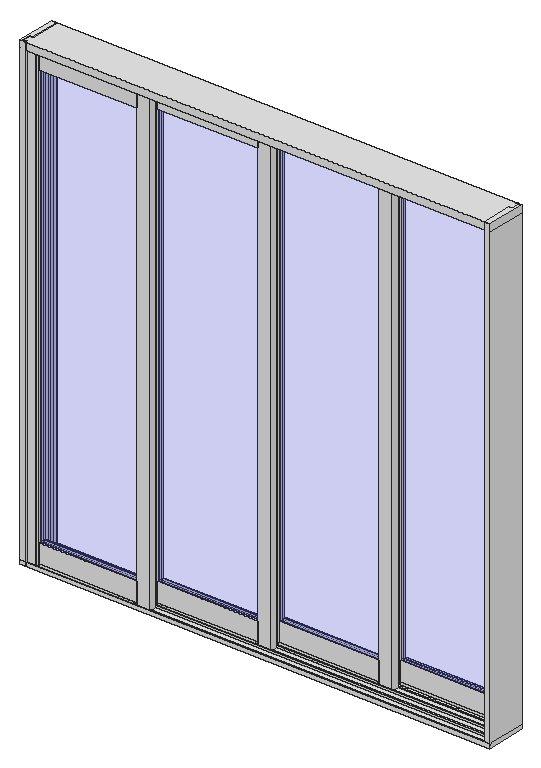
Revit family "Door-Sliding-All_Weather-Series_8100-Single_Parting", category Doors, host Wall, Revit 2026
Family settings
  Host = Wall
  Classification Number = 23.30.10.00
  Always vertical = Yes
  Cut with Voids When Loaded = No
  Shared = No
  Room Calculation Point = No
Parameters (values of type "4 Panel Sliding Door XXXO")
  Wall Thickness [instance] = 1' - 3"
  URL = "https://www.allweatheraa.com/"
  Type Comments = "Multi-Panel Sliding Door"  # constant formula
  Specification = ""
  Requested Width = 8' - 0"
  Requested Height = 8' - 0"
  Product Page URL = "https://www.allweatheraa.com/doors/series-8100-sliding-doors/"
  Product Name = "Series 8100"  # constant formula
  Product Documentation Link = "https://www.allweatheraa.com/download/4291/"
  Panel Offset = if([3 Track], 0' 4 243/256", 0' 2 31/32")  # 0' - 2 31/32"
  Min Width = if([3 Track], (3 * Min Panel Width) + 0' 0 3/4", if([4 Track], (4 * Min Panel Width) + 0' 0 3/4", (2 * Min Panel Width) + 0' 0 3/4"))  # 6' - 10 3/4"
  Min Panel Width = 1' - 8 1/2"  # constant formula
  Max Width = if([3 Track], (3 * Max Panel Width) + 0' 0 3/4", if([4 Track], (4 * Max Panel Width) + 0' 0 3/4", (2 * Max Panel Width) + 0' 0 3/4"))  # 24' - 0 3/4"
  Max Panel Width = 6' - 0"  # constant formula
  Max Panel Height = 12' - 0"  # constant formula
  Jamb Extensions = no
  Jamb Ext Finish = Metal-Aluminum-All_Weather-Standard-White
  Jamb Depth [instance] = if(Jamb Calc > 0' 0 1/8", Jamb Calc, 0' 0 1/8")  # 0' - 7"
  Jamb Calc [instance] = if(Offset > 0' 0", Wall Thickness - Thickness + Offset, Wall Thickness - Thickness - Inset)  # 0' - 7"
  End Panel Offset = if([4 Track], 0' 6 253/256", if([3 Track], 0' 4 253/256", 0' 2 253/256"))  # 0' - 6 253/256"
  Thickness = if([3 Track], 0' 6", if([4 Track], 0' 8", 0' 4"))  # 0' - 8"
  Rough Width = Width + 0' 1"  # 8' - 1"
  Rough Height = Height + 0' 0 1/2"  # 8' - 0 1/2"
  Panel Width = if([3 Track], (Opening Width + (0' 3 3/8" * (Number of Panels - 1))) / Number of Panels, if([4 Track], ((Opening Width + (0' 3 1/16" * (Number of Panels - 1))) / Number of Panels) + 0' 5 19/32", (Opening Width + (0' 7" * (Number of Panels))) / Number of Panels + 0' 0 17/32") - 0' 5 19/32")  # 2' - 1 51/64"
  Panel Thickness = 0' - 2"  # constant formula
  Panel Spacing = if([3 Track], 0' 2 1/2", 0' 2")  # 0' - 2"
  Panel Height = Height - 0' 0 15/16" - 0' 0 5/16"  # 7' - 10 3/4"
  Operation = "Sliding"
  Opening Width = Width - 0' 2"  # 7' - 10"
  Offset = 0' - 0"
  Number of Panels = if([3 Track], 3, if([4 Track], 4, 2))  # 4
  Model = if([2 Track], "Multi-Slide XO", if([3 Track], "Multi-Slide XXO", "Multi-Slide XXXO"))  # "Multi-Slide XXXO"
  Manufacturer = "All Weather Architectural Aluminum"  # constant formula
  Interior Trim Finish = Metal-Aluminum-All_Weather-Standard-White
  Interior Trim = no
  Inset = 0' - 0"
  Glass = Glass-All_Weather-OA-Insulated_Glass
  Function = Exterior
  Frame Projection Ext. = 0' - 1"
  Frame Projection Int. = 0' - 1"
  Frame Width = 0' - 3"
  Height = if(Requested Height > Max Panel Height + 0' 1 1/4", Max Panel Height + 0' 1 1/4", Requested Height)  # 8' - 0"
  Wall Closure = By host
  Width = if(Requested Width > Max Width, Max Width, if(Requested Width < Min Width, Min Width, Requested Width))  # 8' - 0"
  Finish = Metal-Aluminum-All_Weather-Standard-White
  Exterior Trim Finish = Metal-Aluminum-All_Weather-Standard-White
  Exterior Trim = no
  Description = "Standard Nail-On"  # constant formula
  Center Panel Location = if([3 Track], 0' 0", (Panel Width / 2) - 0' 1 5/16")  # 0' - 11 75/128"
  Assembly Code = "B2030110"
  4 Track = yes
  Not 2 Track = or([3 Track], [4 Track])  # yes
  3 Track = no
  2 Track = not(or([4 Track], [3 Track]))  # no
Reference planes (in)
  plane 1 "Center (Front/Back)": y = 0
  plane 2 "Center (Left/Right)": x = 0
  plane 3 "Left": x = -48
  plane 4 "Right": x = 48
  plane 5 "Top": z = 96
  plane 6 "Exterior": y = 7.5
  plane 7 "Interior": y = -7.5
  plane 8 "Nail Fin": y = 7.5
  plane 9 "Inset": y = 7.5
  plane 10 "Front": y = 7.5
  plane 11 "Back": y = -0.5
  plane 12 "Bottom of Sill": z = 0
  plane 13 "Jamb Ext": y = -2.43141
  plane 14: y = 7.33104
  plane 15: y = 5.35076
  plane 16: y = 3.37049
  plane 17: y = 1.39021
  plane 18: z = 96
  plane 19: z = 96
  plane 20: z = 96
  plane 21: z = 96
  plane 22: x = 48
  plane 23: x = 48
  plane 24: x = 48
  plane 25: x = 48
Forms (in)
  Extrusion 1, solid, material "Metal-Aluminum-All_Weather-Standard-White" <- "Exterior Trim Finish", visible <- "Exterior Trim"
    sketch origin (-90, 7.5, 0) x (-1, 0, 0) y (0, 0, 1)
      loop
        line (-42, 95.63672) -> (-42, 0) -> (-39, 0) -> (-39, 98.63672) -> (-141, 98.63672) -> (-141, 0) -> (-138, 0) -> (-138, 95.63672) -> (-42, 95.63672)
    from 0 to 1
  Extrusion 2, solid, material "Metal-Aluminum-All_Weather-Standard-White" <- "Interior Trim Finish", visible <- "Interior Trim"
    sketch origin (-90, -7.5, 0) x (1, 0, 0) y (0, 0, 1)
      loop
        line (42, 0) -> (42, 95.63672) -> (138, 95.63672) -> (138, 0) -> (141, 0) -> (141, 98.63672) -> (39, 98.63672) -> (39, 0) -> (42, 0)
    from 0 to 1
  Sweep 3, solid, material "Metal-Aluminum-All_Weather-Standard-White" <- "Finish", detail levels fine
    path origin (0, -0.5, 0) x (-1, 0, 0) y (0, 0, 1)
      loop
        line (-48, 0) -> (-48, 96)
    profile origin (48, -0.5, 48) x (1, 0, 0) y (0, 1, 0)
      loop
        line (-1.11719, 6.17875) -> (-1.11719, 0) -> (0, 0) -> (0, 8) -> (-1.11719, 8) -> (-1.11719, 7.84098) -> (-0.37157, 7.84098) -> (-0.37157, 6.17875) -> (-1.11719, 6.17875)
  Sweep 4, solid, material "Metal-Aluminum-All_Weather-Standard-White" <- "Finish", detail levels fine
    path origin (0, -0.5, 0) x (-1, 0, 0) y (0, 0, 1)
      loop
        line (48, 0) -> (48, 96)
    profile origin (-48, -0.5, 48) x (1, 0, 0) y (0, 1, 0)
      loop
        line (1.11719, 1.90015) -> (1.11719, 8) -> (0, 8) -> (0, 0) -> (1.11719, 0) -> (1.11719, 0.23792) -> (0.375, 0.23792) -> (0.375, 1.90015) -> (1.11719, 1.90015)
  Extrusion 5, solid, material "Metal-Aluminum-All_Weather-Standard-White" <- "Jamb Ext Finish", visible <- "Jamb Extensions"
    sketch origin (0, 0, 0) x (1, 0, 0) y (0, 0, 1)
      loop
        line (-48, 0) -> (-47.375, 0) -> (-47.375, 95.375) -> (47.375, 95.375) -> (47.375, 0) -> (48, 0) -> (48, 96) -> (-48, 96) -> (-48, 0)
    from 0.5 to 7.5
  Sweep 6, solid, material "Metal-Aluminum-All_Weather-Standard-White" <- "Finish", detail levels fine
    path origin (0, 7.5, 0) x (-1, 0, 0) y (0, 0, 1)
      loop
        line (-48, 96) -> (48, 96)
    profile origin (0, 7.5, 96) x (0, 0, 1) y (0, 1, 0)
      loop
        line (0, 0) -> (-1.55859, 0) -> (-1.55859, -8) -> (0, -8) -> (0, 0)
  Sweep 7, solid, material "Metal-Aluminum-All_Weather-Standard-White" <- "Finish", detail levels fine
    path origin (0, 7.5, 0) x (-1, 0, 0) y (0, 0, 1)
      loop
        line (-48, 0) -> (48, 0)
    profile origin (0, 7.5, 0) x (0, 0, 1) y (0, 1, 0)
      loop
        line (0, 0) -> (0, -8) -> (0.75, -8) -> (0.75, 0) -> (0, 0)
  Sweep 8, void
    path origin (-12, 7.5, 12) x (-1, 0, 0) y (0, 0, 1)
      loop
        line (-60, 84) -> (-60, -12) -> (36, -12) -> (36, 84) -> (-60, 84)
    profile origin (0, 7.5, 96) x (0, 0, 1) y (0, 1, 0)
      loop
        line (-0.37157, -0.16896) -> (-1.55859, -0.16896) -> (-1.55859, -1.82125) -> (-0.37157, -1.82125) -> (-0.37157, -0.16896)
  Sweep 9, void
    path origin (-12, 5.51972, 12) x (-1, 0, 0) y (0, 0, 1)
      loop
        line (-60, 84) -> (-60, -12) -> (36, -12) -> (36, 84) -> (-60, 84)
    profile origin (0, 5.51972, 96) x (0, 0, 1) y (0, 1, 0)
      loop
        line (-0.37157, -0.16896) -> (-1.55859, -0.16896) -> (-1.55859, -1.82125) -> (-0.37157, -1.82125) -> (-0.37157, -0.16896)
  Sweep 10, void
    path origin (-12, 3.53945, 12) x (-1, 0, 0) y (0, 0, 1)
      loop
        line (-60, 84) -> (-60, -12) -> (36, -12) -> (36, 84) -> (-60, 84)
    profile origin (0, 3.53945, 96) x (0, 0, 1) y (0, 1, 0)
      loop
        line (-0.37157, -0.16896) -> (-1.55859, -0.16896) -> (-1.55859, -1.82125) -> (-0.37157, -1.82125) -> (-0.37157, -0.16896)
  Sweep 11, void
    path origin (-12, 1.55917, 12) x (-1, 0, 0) y (0, 0, 1)
      loop
        line (-60, 84) -> (-60, -12) -> (36, -12) -> (36, 84) -> (-60, 84)
    profile origin (0, 1.55917, 96) x (0, 0, 1) y (0, 1, 0)
      loop
        line (-0.37157, -0.16896) -> (-1.55859, -0.16896) -> (-1.55859, -1.82125) -> (-0.37157, -1.82125) -> (-0.37157, -0.16896)
  Extrusion 12, solid, material "Metal-Aluminum-All_Weather-Standard-White" <- "Finish", detail levels coarse+medium
    sketch origin (0, 7.5, 0) x (-1, 0, 0) y (0, 0, 1)
      loop
        line (-48, 0) -> (48, 0) -> (48, 96) -> (-48, 96) -> (-48, 0)
      loop
        line (-46.88281, 94.44141) -> (-46.88281, 0.75) -> (46.88281, 0.75) -> (46.88281, 94.44141) -> (-46.88281, 94.44141)
    from 0 to -8
Cuts and joins
  Sweep 8, Sweep 9, Sweep 10, Sweep 11 cuts Sweep 3
  Sweep 8, Sweep 9, Sweep 10, Sweep 11 cuts Sweep 4
  joined: Sweep 3, Sweep 4
  Sweep 8, Sweep 9, Sweep 10, Sweep 11 cuts Sweep 6
  Sweep 8, Sweep 9, Sweep 10, Sweep 11 cuts Sweep 7
Lines and regions (in)
  Opening 1
    outline origin (-90, -7.5, 0) x (1, 0, 0) y (0, 0, 1)
      loop
        line (42, 0) -> (138, 0) -> (138, 96) -> (42, 96) -> (42, 0)
  Masking region 1, visible <- "Jamb Extensions"
    outline origin (0, 0, 0) x (1, 0, 0) y (0, 1, 0)
      loop
        line (-48, -0.5) -> (-48, -7.5) -> (-47.375, -7.5) -> (-47.375, -0.5) -> (-48, -0.5)
      loop
        line (47.375, -0.5) -> (47.375, -7.5) -> (48, -7.5) -> (48, -0.5) -> (47.375, -0.5)
  Masking region 2, visible <- "Jamb Extensions"
    outline origin (0, 0, 0) x (0, 1, 0) y (0, 0, 1)
      loop
        line (-0.5, 96) -> (-7.5, 96) -> (-7.5, 95.375) -> (-0.5, 95.375) -> (-0.5, 96)
Text (in)
  text "Exterior" at (-74.96733, 27.31104, 0), in view "Ref. Level"
  text "Interior" at (-74.96733, -25.14366, 0), in view "Ref. Level"
  text "Exterior" at (0, 40.15149, 123.01588), in view "Right"
  text "Interior" at (0, -64.39139, 123.01588), in view "Right"
  text "Interior" at (0, -31.01599, 123.00693), in view "Left"
  text "Exterior" at (0, 54.57065, 123.00693), in view "Left"
Dimensions and locks (in)
  equal spacing: plane 3 "Left", plane 2 "Center (Left/Right)", plane 4 "Right"
  "Height": level to plane 5 "Top"
  "Width": plane 3 "Left" to plane 4 "Right"
  "Frame Width": Extrusion 2 sketch curve to plane 3 "Left"
  "Frame Width": Extrusion 2 sketch curve to plane 4 "Right"
  "Frame Width": Extrusion 1 sketch curve to Extrusion 1 sketch curve  (x3)
  host wall to plane 5 "Top" = 8' - 0"
  "Frame Projection Int.": Extrusion 2 to host wall
  "Frame Projection Ext.": Extrusion 1 to host wall
  "Offset": plane 8 "Nail Fin" to plane 9 "Inset"
  "Inset": plane 6 "Exterior" to plane 9 "Inset"
  locked: plane 10 "Front" to plane 8 "Nail Fin" at 0
  "Thickness": plane 10 "Front" to plane 11 "Back"
  plane 12 "Bottom of Sill" to level = 0' - 0"
  locked: Extrusion 1 sketch curve to plane 5 "Top" at 0.36328
  locked: Extrusion 2 sketch curve to plane 5 "Top" at 0.36328
  "Frame Width": Extrusion 2 sketch curve to Extrusion 2 sketch curve
  plane 3 "Left" to nested 5 = 0' - 3 71/128"
  plane 5 "Top" to level = 8' - 0"
  locked: nested 1 to plane 5 "Top"
  locked: nested 3 to plane 10 "Front"
  locked: plane 10 "Front" to nested 2
  Sweep 3 sketch curve to Sweep 3 sketch curve to Sweep 3 sketch curve to Sweep 3 sketch curve = 0' - 0" locked, 0' - 0.74562" locked, 0' - 0.37157" locked
  "Thickness": Sweep 3 sketch curve to Sweep 3 sketch curve
  locked: Extrusion 5 sketch curve to Extrusion 2 at 0.625  (x2)
  locked: plane 5 "Top" to Extrusion 5 sketch curve at 0.625
  "Jamb Depth": Extrusion 5 to Extrusion 5
  "Wall Thickness": host wall to host wall
  nested 5 to nested 5 = 7' - 10.73785"
  nested 5 to nested 1 = 0' - 0 15/16"
  locked: nested 7 to plane 4 "Right" at 0.37157
  plane 8 "Nail Fin" to nested 7 = 0' - 0.99014"
  locked: plane 8 "Nail Fin" to nested 4 at 2.99014
  locked: plane 10 "Front" to nested 7 at 0.99014
  locked: nested 6 to plane 11 "Back" at 3.00986
  "Center Panel Location": plane 2 "Center (Left/Right)" to nested 4
  "Center Panel Location": nested 6 to plane 2 "Center (Left/Right)"
  plane 3 "Left" to plane 4 "Right" = 8' - 0"
  "End Panel Offset": plane 10 "Front" to nested 5
  locked: plane 3 "Left" to nested 5 at 0.375
  Sweep 4 sketch curve to Sweep 4 sketch curve to Sweep 4 sketch curve to Sweep 4 sketch curve to profile plane = 0' - 0" locked, 0' - 0 95/128" locked, 0' - 0 3/8" locked, 0' - 0" locked
  Sweep 4 sketch curve to Sweep 4 sketch curve to Sweep 4 sketch curve = 0' - 1.66223" locked, 0' - 0.23792" locked
  "Thickness": Sweep 4 sketch curve to Sweep 4 sketch curve
  locked: profile plane to Sweep 4 sketch curve
  nested 3 to Sweep 3 sketch curve to Sweep 3 sketch curve = 0' - 0.15902" locked, 0' - 1.66223" locked
  locked: profile plane to Sweep 3 sketch curve
  "Thickness": Sweep 6 sketch curve to Sweep 6 sketch curve
  "Thickness": Sweep 7 sketch curve to Sweep 7 sketch curve
  profile plane to Sweep 7 sketch curve = 0' - 0"
  locked: nested 1 to profile plane at 1.55859
  locked: profile plane to nested 1
  locked: profile plane to nested 8 at 0.75
  profile plane to Sweep 8 sketch curve to Sweep 8 sketch curve = 0' - 0.37157" locked, 0' - 1.18702" locked
  profile plane to Sweep 8 sketch curve to Sweep 8 sketch curve = 0' - 0.16896" locked, 0' - 1.65229" locked
  profile plane to Sweep 9 sketch curve to Sweep 9 sketch curve = 0' - 0.37157" locked, 0' - 1.18702" locked
  profile plane to Sweep 9 sketch curve to Sweep 9 sketch curve = 0' - 0.16896" locked, 0' - 1.65229" locked
  equal spacing: group 1, group 2, group 3, group 4  (x2)
  equal spacing: group 4, group 3, group 2, group 1
  profile plane to Sweep 10 sketch curve to Sweep 10 sketch curve = 0' - 0.37157" locked, 0' - 1.18702" locked
  profile plane to Sweep 10 sketch curve to Sweep 10 sketch curve = 0' - 0.16896" locked, 0' - 1.65229" locked
  profile plane to Sweep 11 sketch curve to Sweep 11 sketch curve = 0' - 0.37157" locked, 0' - 1.18702" locked
  profile plane to Sweep 11 sketch curve to Sweep 11 sketch curve = 0' - 0.16896" locked, 0' - 1.65229" locked
  plane 10 "Front" to plane 14 to plane 15 = 0' - 0.16896" locked, 0' - 1.98028" locked
  locked: Extrusion 12 sketch curve to plane 4 "Right" at 1.11719
  locked: Extrusion 12 sketch curve to plane 3 "Left" at 1.11719
  locked: Extrusion 12 sketch curve to plane 5 "Top" at 1.55859
  "Thickness": plane 10 "Front" to Extrusion 12
  locked: level to Extrusion 12 sketch curve at 0.75
  locked: plane 21 to Sweep 11 sketch curve
  "Height": Sweep 11 sketch curve to plane 21
  "Width": Sweep 11 sketch curve to plane 22
  locked: plane 18 to Sweep 8 sketch curve
  "Height": Sweep 8 sketch curve to plane 18
  "Width": Sweep 8 sketch curve to plane 23
  locked: plane 19 to Sweep 9 sketch curve
  "Height": Sweep 9 sketch curve to plane 19
  "Width": Sweep 9 sketch curve to plane 24
  locked: plane 20 to Sweep 10 sketch curve
  "Height": Sweep 10 sketch curve to plane 20
  "Width": Sweep 10 sketch curve to plane 25
  locked: plane 5 "Top" to plane 21
  locked: plane 5 "Top" to plane 20
  locked: plane 4 "Right" to plane 22
  locked: plane 25 to plane 4 "Right"
  Masking region 1 sketch curve to plane 4 "Right" to Extrusion 5 = 0' - 0 5/8" locked, 0' - 0" locked
  plane 3 "Left" to Masking region 1 sketch curve to Masking region 1 sketch curve = 0' - 0" locked, 0' - 0 5/8" locked
  "Jamb Depth": plane 7 "Interior" to Masking region 1 sketch curve
  "Jamb Depth": Masking region 1 sketch curve to Masking region 1 sketch curve
  locked: plane 21 to Masking region 2 sketch curve at 0.625
  "Jamb Depth": Masking region 2 sketch curve to plane 7 "Interior"
  aligned and locked: plane 3 "Left" to Opening 1 sketch curve
  aligned and locked: plane 5 "Top" to Opening 1 sketch curve  (x2)
  aligned and locked: Opening 1 sketch curve to plane 4 "Right"
  aligned and locked: Opening 1 sketch curve to level
  aligned and locked: plane 3 "Left" to Extrusion 1 sketch curve
  aligned and locked: Extrusion 1 sketch curve to plane 3 "Left"
  aligned and locked: level to Extrusion 1 sketch curve
  aligned and locked: plane 4 "Right" to Extrusion 1 sketch curve
  aligned and locked: Extrusion 1 to host wall
  aligned and locked: plane 3 "Left" to Extrusion 2 sketch curve
  aligned and locked: plane 4 "Right" to Extrusion 2 sketch curve  (x2)
  aligned and locked: level to Extrusion 2 sketch curve
  aligned and locked: Extrusion 2 sketch curve to level
  aligned and locked: Extrusion 2 to host wall
  aligned and locked: plane 6 "Exterior" to host wall
  aligned and locked: host wall to plane 7 "Interior"
  aligned and locked: plane 4 "Right" to Sweep 3 sketch curve
  aligned and locked: plane 3 "Left" to Sweep 4 sketch curve
  aligned and locked: nested 1 to plane 10 "Front"
  aligned and locked: plane 7 "Interior" to Extrusion 5
  aligned and locked: nested 3 to plane 4 "Right"
  aligned and locked: nested 2 to plane 3 "Left"
  aligned and locked: nested 8 to plane 11 "Back"
  aligned and locked: Sweep 7 to plane 12 "Bottom of Sill"
  aligned and locked: Sweep 6 to plane 5 "Top"
  aligned and locked: plane 4 "Right" to Sweep 6 sketch curve
  aligned and locked: plane 3 "Left" to Sweep 6 sketch curve
  aligned and locked: plane 3 "Left" to Sweep 7 sketch curve
  aligned and locked: plane 4 "Right" to Sweep 7 sketch curve
  aligned and locked: Sweep 7 sketch curve to level
  aligned and locked: Extrusion 12 sketch curve to plane 4 "Right"
  aligned and locked: Extrusion 12 sketch curve to plane 5 "Top"
  aligned and locked: plane 3 "Left" to Extrusion 12 sketch curve
  aligned and locked: Extrusion 12 sketch curve to level
  aligned and locked: plane 10 "Front" to Extrusion 12
  aligned and locked: Masking region 1 sketch curve to plane 7 "Interior"  (x2)
  aligned and locked: Masking region 2 sketch curve to Extrusion 5  (x2)
Automatic sketch dimensions
  Sweep 11 sketch curve to plane 22 = 0' - 0"
  Sweep 8 sketch curve to plane 23 = 0' - 0"
  Sweep 9 sketch curve to plane 24 = 0' - 0"
  Sweep 10 sketch curve to plane 25 = 0' - 0"
  Extrusion 1 sketch curve to level = 0' - 0"
  Extrusion 2 sketch curve to level = 0' - 0"
  Sweep 3 sketch curve to level = 0' - 0"
  Sweep 3 sketch curve to plane 5 "Top" = 0' - 0"
  Sweep 4 sketch curve to level = 0' - 0"
  Sweep 4 sketch curve to plane 5 "Top" = 0' - 0"
  plane 3 "Left" to Extrusion 5 sketch curve = 0' - 0"
  plane 4 "Right" to Extrusion 5 sketch curve = 0' - 0"
  Extrusion 5 sketch curve to level = 0' - 0"  (x2)
  Extrusion 5 sketch curve to plane 5 "Top" = 0' - 0"
  Sweep 6 sketch curve to plane 5 "Top" = 0' - 0"
  Sweep 3 sketch curve to profile plane = 0' - 0"
  Sweep 6 sketch curve to plane 10 "Front" = 0' - 0"
  profile plane to Sweep 6 sketch curve = 0' - 0"
  Sweep 6 sketch curve to Sweep 6 sketch curve = 0' - 1 143/256"
  profile plane to Sweep 7 sketch curve = 0' - 0"
  Sweep 7 sketch curve to plane 10 "Front" = 0' - 0"
  Sweep 7 sketch curve to profile plane = 0' - 0 3/4"
  Masking region 1 sketch curve to plane 4 "Right" = 0' - 0"
Nested families (in)
  nested 1: "Detail-All_Weather-Series_8100_Jamb" at (0, 6.08203, 96.94141) x (0, -1, 0) z (-1, 0, 0), type "Header"
    with Thickness 0' - 8", 4 Track yes, 3 Track yes
  nested 2: "Detail-All_Weather-Series_8100_Jamb" at (-49.38281, 6.08203, 0) x (0, -1, 0) z (0, 0, -1), type "Jamb"
    with Thickness 0' - 8", 4 Track yes, 3 Track yes
  nested 3: "Detail-All_Weather-Series_8100_Jamb" at (49.38281, 6.08203, 0) x (0, -1, 0) z (0, 0, -1), type "Jamb"
    with Thickness 0' - 8", 4 Track yes, 3 Track yes
  nested 4: "Nested-Panel-All_Weather-Series_8100" at (11.58594, 4.39651, 0), visible <- "Not 2 Track", type "Center Panel"
    with Width 2' - 1 51/64"
  nested 5: "Nested-Panel-All_Weather-Series_8100" at (-34.72656, 0.39836, 0), type "Pull Left"
    with Width 2' - 1 51/64"
  nested 6: "Nested-Panel-All_Weather-Series_8100" at (-11.58594, 2.39651, 0), visible <- "4 Track", type "Center Panel"
    with Width 2' - 1 51/64"
  nested 7: "Nested-Panel-All_Weather-Series_8100" at (34.72999, 6.39651, 0), type "Pull Right"
    with Width 2' - 1 51/64"
  nested 8: "Detail-All_Weather-Series_8100_Footer" at (0, 0.91797, -1.75458) x (0, 1, 0) z (1, 0, 0), type "Footer"
    with Thickness 0' - 8", 4 Track yes, 3 Track yes
Definition of nested family "Nested-Panel-All_Weather-Series_8100"
  Parameters (values of type "Center Panel")
    Width = 2' - 7 51/64"
    URL = "http://www.weathershield.com"
    Type Comments = "Panel with Inside Jamb"
    Thickness = 0' - 2"
    Specification = ""
    Sill Offset = 0' - 1 3/4"
    Pull Right = no
    Pull Offset Left = if(Pull Left, 0' 3 23/128", 0' 2 79/128")  # 0' - 2 79/128"
    Pull Left = no
    Product Page URL = "https://www.allweatheraa.com/doors/series-8100-sliding-doors/"
    Product Name = "Series 8100"  # constant formula
    Product Documentation Link = "https://www.allweatheraa.com/download/4291/"
    Center Panel Right = yes
    Center Panel Left = yes
    Model = "Multislide"  # constant formula
    Manufacturer = "All Weather Architectural Aluminum"  # constant formula
    Pull Offset Right = if(Pull Right, 0' 3 23/128", 0' 2 79/128")  # 0' - 2 79/128"
    Height = 8' - 0"
    Glass = none
    Finish = none
    Description = "Multislide Door Panel"  # constant formula
    Default Elevation = 4' - 0"
    Arrow = yes
  Types (3): name | Thickness | Pull Right | Pull Offset Left | Pull Left | Center Panel Right | Center Panel Left | Pull Offset Right | Arrow
    Center Panel | 0' - 2" | no | 0' - 2 79/128" | no | yes | yes | 0' - 2 79/128" | yes
    Pull Right | 0' - 8" | yes | 0' - 2 79/128" | no | no | yes | 0' - 3 23/128" | no
    Pull Left | 0' - 2" | no | 0' - 3 23/128" | yes | yes | no | 0' - 2 79/128" | yes
  Reference planes (in)
    plane 1 "Center (Front/Back)": y = -0.13672
    plane 2 "Bottom": z = 0
    plane 3 "Center (Left/Right)": x = 0
    plane 4 "Front": y = 0.86328
    plane 5 "Back": y = -1.13672
    plane 6 "Left": x = -15.89844
    plane 7 "Right": x = 15.89844
    plane 8 "Top": z = 96
    plane 9 "Glass Front": y = 0.61336
    plane 10 "Glass Back": y = -0.38664
    plane 11 "Glass Top": z = 92.54381
    plane 12 "Glass Bottom": z = 4.79539
    plane 13 "Glass Left": x = -13.94225
    plane 14 "Glass Right": x = 13.95206
    plane 15 "Center (Elevation)": z = 48.6696
    plane 16 "DLO Bottom": z = 5.45639
    plane 17 "DLO Top": z = 91.88281
    plane 18 "DLO Left": x = -13.28125
    plane 19 "DLO Right": x = 13.28125
    plane 20: y = 0.11336
    plane 21: x = 14.58984
    plane 22: x = -14.58984
    plane 23: z = 0.32465
    plane 24: z = 95.0625
  Forms (in)
    Extrusion 1, solid, material <- "Glass"
      sketch origin (0, 0, 0) x (1, 0, 0) y (0, 1, 0)
        loop
          line (-13.94225, -0.38664) -> (13.95206, -0.38664) -> (13.95206, 0.61336) -> (-13.94225, 0.61336) -> (-13.94225, -0.38664)
      from 4.79539 to 92.54381
    Sweep 2, solid, material <- "Finish", detail levels medium+fine
      path origin (0, 0.61336, -0.65988) x (-1, 0, 0) y (0, 0, 1)
        loop
          line (-13.28125, 0.32465) -> (13.28125, 0.32465)
      profile origin (0, 0.61336, -0.33524) x (0, 0, 1) y (0, 1, 0)
        loop
          line (0.65988, 0.2514) -> (0.65988, -1.24862) -> (1.47003, -1.24862) -> (1.47003, -1.20462) -> (5.40973, -1.20462) -> (5.40973, -1) -> (4.74873, -1) -> (4.74873, 0) -> (5.40973, 0) -> (5.40973, 0.2074) -> (1.47003, 0.2074) -> (1.47003, 0.2514) -> (0.65988, 0.2514)
    Sweep 3, solid, material <- "Finish", visible <- "Pull Left", detail levels medium+fine
      path origin (0, 0.86328, 0) x (-1, 0, 0) y (0, 0, 1)
        loop
          line (15.89844, 0.32465) -> (15.89844, 95.0625)
      profile origin (-15.89844, 0.86328, 47.69357) x (1, 0, 0) y (0, 1, 0)
        loop
          line (0, 0) -> (0, -1.5) -> (3.17969, -1.5) -> (3.17969, -1.31202) -> (2.51869, -1.31202) -> (2.51869, -0.188) -> (3.17969, -0.188) -> (3.17969, 0) -> (0, 0)
    Sweep 4, solid, material <- "Finish", visible <- "Center Panel Right", detail levels medium+fine
      path origin (0, 0.86328, 0) x (1, 0, 0) y (0, 0, 1)
        loop
          line (15.89844, 0.32465) -> (15.89844, 95.0625)
      profile origin (15.89844, 0.86328, 47.69357) x (1, 0, 0) y (0, 1, 0)
        loop
          line (0, 0.00351) -> (-1.69231, 0.00351) -> (-1.69231, 0.30472) -> (-2.45445, 0.30472) -> (-2.45445, 0.2427) -> (-1.83561, 0.1854) -> (-1.83561, 0.00137) -> (-2.61719, 0.00137) -> (-2.61719, -0.25185) -> (-1.94638, -0.25185) -> (-1.94638, -1.25003) -> (-2.61719, -1.25003) -> (-2.61719, -1.5001) -> (0, -1.5001) -> (0, 0.00351)
    Sweep 5, solid, material <- "Finish", detail levels medium+fine
      path origin (0, 0.61336, 0) x (-1, 0, 0) y (0, 0, 1)
        loop
          line (13.28125, 96) -> (-13.28125, 96)
      profile origin (0, 0.61336, 96) x (0, 0, -1) y (0, 1, 0)
        loop
          line (0.9375, -1.24862) -> (4.41713, -1.24862) -> (4.41713, -1) -> (3.75613, -1) -> (3.75613, 0.0013) -> (4.41713, 0.0013) -> (4.41713, 0.2514) -> (0.9375, 0.2514) -> (0.9375, -1.24862)
    Extrusion 6, solid, material <- "Finish", visible <- "Center Panel Left", detail levels medium+fine
      sketch origin (0, 0, 0) x (1, 0, 0) y (0, 1, 0)
        loop
          line (-15.89844, 0.86328) -> (-15.89844, -1.02734) -> (-15.23642, -1.02734) -> (-15.13861, -1.00113) -> (-15.13861, -0.96526) -> (-15.77342, -0.96526) -> (-15.77342, -0.63506) -> (-13.28125, -0.63506) -> (-13.28125, -0.38664) -> (-13.95164, -0.38664) -> (-13.95164, 0.61336) -> (-13.28125, 0.61336) -> (-13.28125, 0.86328) -> (-15.89844, 0.86328)
      from 0.32465 to 95.0625
    Extrusion 7, solid, material <- "Finish", detail levels coarse
      sketch origin (0, 0.61336, 0) x (-1, 0, 0) y (0, 0, 1)
        loop
          line (15.89844, 95.0625) -> (-15.89844, 95.0625) -> (-15.89844, 0.32465) -> (15.89844, 0.32465) -> (15.89844, 95.0625)
        loop
          line (-13.28125, 5.07449) -> (13.28125, 5.07449) -> (13.28125, 91.88281) -> (-13.28125, 91.88281) -> (-13.28125, 5.07449)
      from -1.2501 to 0.24993
    Sweep 8, solid, material <- "Finish", visible <- "Pull Right", detail levels medium+fine
      path origin (0, 0.86328, 0) x (1, 0, 0) y (0, 0, 1)
        loop
          line (15.89844, 0.32465) -> (15.89844, 95.0625)
      profile origin (15.89844, 0.86328, 47.69357) x (1, 0, 0) y (0, 1, 0)
        loop
          line (0, 0) -> (-2.61786, 0) -> (-2.61786, -0.188) -> (-2.00067, -0.188) -> (-2.00067, -1.31202) -> (-2.61786, -1.31202) -> (-2.61786, -1.5) -> (0, -1.5) -> (0, 0)
  Lines and regions (in)
    Masking region 1, detail levels coarse
      outline origin (0, 0, 0) x (1, 0, 0) y (0, 1, 0)
        loop
          line (-13.28125, 0.61336) -> (-13.28125, -0.38664) -> (13.28125, -0.38664) -> (13.28125, 0.61336) -> (-13.28125, 0.61336)
    Masking region 2, detail levels medium+fine
      outline origin (0, 0, 0) x (1, 0, 0) y (0, 1, 0)
        loop
          line (-13.94225, 0.61336) -> (-13.94225, 0.43452) -> (13.95206, 0.43452) -> (13.95206, 0.61336) -> (-13.94225, 0.61336)
        loop
          line (-13.94225, -0.2078) -> (-13.94225, -0.38664) -> (13.95206, -0.38664) -> (13.95206, -0.2078) -> (-13.94225, -0.2078)
    Masking region 3, detail levels coarse
      outline origin (0, 0, 0) x (0, 1, 0) y (0, 0, 1)
        loop
          line (0.61336, 5.45639) -> (0.61336, 92.09881) -> (-0.38664, 92.09881) -> (-0.38664, 5.45639) -> (0.61336, 5.45639)
    Masking region 4, detail levels medium+fine
      outline origin (0, 0, 0) x (0, 1, 0) y (0, 0, 1)
        loop
          line (0.61336, 4.79539) -> (0.61336, 92.54381) -> (0.43582, 92.54381) -> (0.43582, 4.79539) -> (0.61336, 4.79539)
        loop
          line (-0.2065, 4.79539) -> (-0.2065, 92.54381) -> (-0.38664, 92.54381) -> (-0.38664, 4.79539) -> (-0.2065, 4.79539)
    symbolic lines, visible <- "Arrow"
      curve 1: line (-11.53125, 0.61336, 45.6696) -> (-11.53125, 0.61336, 51.6696)
      curve 2: line (-11.53125, 0.61336, 45.6696) -> (-8.53125, 0.61336, 48.6696)
      curve 3: line (-8.53125, 0.61336, 48.6696) -> (-11.53125, 0.61336, 51.6696)
  Dimensions and locks (in)
    equal spacing: plane 6 "Left", plane 3 "Center (Left/Right)", plane 7 "Right"
    "Width": plane 6 "Left" to plane 7 "Right"
    equal spacing: plane 4 "Front", plane 1 "Center (Front/Back)", plane 5 "Back"
    "Thickness": plane 4 "Front" to plane 5 "Back"
    plane 4 "Front" to plane 9 "Glass Front" to plane 10 "Glass Back" = 0' - 0.24993", 0' - 1" locked
    locked: plane 8 "Top" to plane 11 "Glass Top" at 3.45619
    locked: plane 12 "Glass Bottom" to level at 4.79539
    locked: plane 13 "Glass Left" to Masking region 1 sketch curve at 0.661
    locked: Masking region 1 sketch curve to plane 14 "Glass Right" at 0.67081
    locked: plane 10 "Glass Back" to Masking region 2 sketch curve at 0.17884
    locked: plane 9 "Glass Front" to Masking region 2 sketch curve at 0.17884
    locked: plane 11 "Glass Top" to Masking region 3 sketch curve at 0.445
    locked: Masking region 3 sketch curve to plane 12 "Glass Bottom" at 0.661
    equal spacing: plane 11 "Glass Top", plane 15 "Center (Elevation)", plane 12 "Glass Bottom"
    locked: plane 16 "DLO Bottom" to plane 12 "Glass Bottom" at 0.661
    locked: plane 11 "Glass Top" to plane 17 "DLO Top" at 0.661
    "Pull Offset Left": plane 6 "Left" to plane 18 "DLO Left"
    "Pull Offset Right": plane 19 "DLO Right" to plane 7 "Right"
    equal spacing: plane 10 "Glass Back", plane 20, plane 9 "Glass Front"
    equal spacing: plane 19 "DLO Right", plane 21, plane 7 "Right"
    equal spacing: plane 6 "Left", plane 22, plane 18 "DLO Left"
    nested 1 to nested 1 = 0' - 2 79/128"
    Sweep 2 sketch curve to Sweep 2 sketch curve to Sweep 2 sketch curve to Sweep 2 sketch curve to Sweep 2 sketch curve to Sweep 2 sketch curve to level = 0' - 0" locked, 0' - 0.661" locked, 0' - 3.2787" locked, 0' - 0" locked, 0' - 0.81014" locked, 0' - 0.32465"
    Sweep 2 sketch curve to Sweep 2 sketch curve to Sweep 2 sketch curve to profile plane to Sweep 2 sketch curve to Sweep 2 sketch curve to Sweep 2 sketch curve = 0' - 0.044" locked, 0' - 0.2074" locked, 0' - 0" locked, 0' - 1" locked, 0' - 0.20462" locked, 0' - 0.044" locked
    locked: plane 23 to level at 0.32465
    profile plane to nested 2 to Sweep 3 sketch curve to Sweep 3 sketch curve to Sweep 3 sketch curve = 0' - 0" locked, 0' - 2.51869" locked, 0' - 0.661" locked, 0' - 0" locked
    Sweep 3 sketch curve to Sweep 3 sketch curve to Sweep 3 sketch curve to Sweep 3 sketch curve to profile plane = 0' - 0.18798" locked, 0' - 1.12402" locked, 0' - 0.188" locked, 0' - 0" locked
    Sweep 4 sketch curve to Sweep 4 sketch curve to Sweep 4 sketch curve to Sweep 4 sketch curve to Sweep 4 sketch curve to profile plane to Sweep 4 sketch curve to Sweep 4 sketch curve to Sweep 4 sketch curve = 0' - 0.06202" locked, 0' - 0.05729" locked, 0' - 0.18189" locked, 0' - 0.00214" locked, 0' - 0.00137" locked, 0' - 0.25185" locked, 0' - 0.99817" locked, 0' - 0.25007" locked
    Sweep 4 sketch curve to Sweep 4 sketch curve to Sweep 4 sketch curve to Sweep 4 sketch curve to Sweep 4 sketch curve to Sweep 4 sketch curve to profile plane = 0' - 0" locked, 0' - 0.16274" locked, 0' - 0.50807" locked, 0' - 0.11078" locked, 0' - 0.1433" locked, 0' - 1.69231" locked
    curve 3 to curve 3 to plane 15 "Center (Elevation)" to curve 2 = 0' - 3" locked, 0' - 0" locked, 0' - 3" locked
    plane 6 "Left" to curve 1 to curve 3 = 0' - 4 47/128" locked, 0' - 3" locked
    locked: plane 8 "Top" to plane 24 at 0.9375
    profile plane to Sweep 3 to Sweep 5 sketch curve to Sweep 5 sketch curve to Sweep 5 sketch curve = 0' - 0 15/16" locked, 0' - 2.81863" locked, 0' - 0.661" locked, 0' - 0" locked
    Sweep 5 sketch curve to Sweep 5 sketch curve to profile plane to Sweep 5 sketch curve to Sweep 5 sketch curve = 0' - 0.2501" locked, 0' - 0.0013" locked, 0' - 1" locked, 0' - 0.24862" locked
    "Height": plane 8 "Top" to plane 2 "Bottom"
    locked: plane 13 "Glass Left" to plane 18 "DLO Left" at 0.661
    locked: plane 19 "DLO Right" to plane 14 "Glass Right" at 0.67081
    Extrusion 6 sketch curve to Extrusion 6 sketch curve to Extrusion 6 sketch curve to Extrusion 6 sketch curve to Extrusion 6 sketch curve to Extrusion 6 sketch curve to plane 4 "Front" = 0' - 0.06208" locked, 0' - 0.3302" locked, 0' - 0.24842" locked, 0' - 1" locked, 0' - 0.24993" locked, 0' - 0" locked
    Extrusion 6 sketch curve to plane 6 "Left" to Extrusion 6 sketch curve to Extrusion 6 sketch curve to Extrusion 6 sketch curve to Extrusion 6 sketch curve to Extrusion 6 sketch curve = 0' - 0" locked, 0' - 0.66202" locked, 0' - 0.09781" locked, 0' - 1.18696" locked, 0' - 0.67039" locked, 0' - 0" locked
    locked: Extrusion 7 to plane 10 "Glass Back" at 0.2501
    Extrusion 6 to plane 17 "DLO Top" = 0' - 3 23/128"
    locked: plane 9 "Glass Front" to Masking region 4 sketch curve at 0.17754
    locked: Masking region 4 sketch curve to plane 10 "Glass Back" at 0.18014
    nested 1 to nested 6 to plane 9 "Glass Front" = 0' - 0" locked, 0' - 1.2501" locked
    Sweep 8 sketch curve to Sweep 8 sketch curve to plane 19 "DLO Right" to Sweep 8 sketch curve = 0' - 0" locked, 0' - 0.00067" locked, 0' - 0.61652" locked
    Sweep 8 sketch curve to Sweep 8 sketch curve to Sweep 8 sketch curve to Sweep 8 sketch curve to profile plane = 0' - 0.18798" locked, 0' - 1.12402" locked, 0' - 0.188" locked, 0' - 0" locked
    aligned and locked: plane 2 "Bottom" to level
    aligned and locked: Extrusion 1 sketch curve to plane 14 "Glass Right"
    aligned and locked: plane 13 "Glass Left" to Extrusion 1 sketch curve
    aligned and locked: plane 9 "Glass Front" to Extrusion 1 sketch curve
    aligned and locked: Extrusion 1 sketch curve to plane 10 "Glass Back"
    aligned and locked: Extrusion 1 to plane 12 "Glass Bottom"
    aligned and locked: plane 11 "Glass Top" to Extrusion 1
    aligned and locked: Masking region 1 sketch curve to plane 9 "Glass Front"
    aligned and locked: plane 10 "Glass Back" to Masking region 1 sketch curve
    aligned and locked: Masking region 2 sketch curve to plane 9 "Glass Front"
    aligned and locked: plane 14 "Glass Right" to Masking region 2 sketch curve  (x2)
    aligned and locked: plane 10 "Glass Back" to Masking region 2 sketch curve
    aligned and locked: Masking region 2 sketch curve to plane 13 "Glass Left"  (x2)
    aligned and locked: Masking region 3 sketch curve to plane 9 "Glass Front"
    aligned and locked: plane 10 "Glass Back" to Masking region 3 sketch curve
    aligned and locked: Masking region 4 sketch curve to plane 11 "Glass Top"  (x2)
    aligned and locked: Masking region 4 sketch curve to plane 9 "Glass Front"
    aligned and locked: plane 12 "Glass Bottom" to Masking region 4 sketch curve  (x2)
    aligned and locked: plane 10 "Glass Back" to Masking region 4 sketch curve
    aligned and locked: plane 6 "Left" to nested 2
    aligned and locked: nested 1 to plane 7 "Right"
    aligned and locked: nested 2 to nested 1
    aligned and locked: plane 4 "Front" to nested 3
    aligned and locked: plane 6 "Left" to nested 3
    aligned and locked: Sweep 3 sketch curve to plane 6 "Left"
    aligned and locked: plane 23 to Sweep 3 sketch curve
    aligned and locked: Sweep 5 sketch curve to plane 8 "Top"
    aligned and locked: plane 18 "DLO Left" to Sweep 5 sketch curve
    aligned and locked: Sweep 5 sketch curve to plane 19 "DLO Right"
    aligned and locked: plane 24 to Sweep 3 sketch curve
    aligned and locked: plane 24 to Sweep 4 sketch curve
    aligned and locked: plane 23 to Sweep 4 sketch curve
    aligned and locked: nested 5 to plane 24
    aligned and locked: plane 24 to Extrusion 6
    aligned and locked: plane 18 "DLO Left" to Sweep 2 sketch curve
    aligned and locked: plane 19 "DLO Right" to Sweep 2 sketch curve
    aligned and locked: Extrusion 7 sketch curve to Sweep 2
    aligned and locked: plane 18 "DLO Left" to Extrusion 7 sketch curve
    aligned and locked: plane 7 "Right" to Extrusion 7 sketch curve
    aligned and locked: Extrusion 7 sketch curve to plane 6 "Left"
    aligned and locked: Extrusion 7 sketch curve to plane 24
    aligned and locked: plane 4 "Front" to Extrusion 7
    aligned and locked: nested 4 to level
    aligned and locked: Extrusion 6 to plane 23
    aligned and locked: Sweep 2 to plane 23
    aligned and locked: Extrusion 7 sketch curve to plane 17 "DLO Top"
    aligned and locked: nested 6 to plane 7 "Right"
  Automatic sketch dimensions
    Sweep 2 sketch curve to level = 0' - 0.33524"
    Sweep 3 sketch curve to profile plane = 0' - 0"
    plane 7 "Right" to Sweep 4 sketch curve = 0' - 0"
    Sweep 4 sketch curve to profile plane = 0' - 0"
    Sweep 5 sketch curve to profile plane = 0' - 0 15/16"
    Extrusion 6 sketch curve to plane 6 "Left" = 0' - 0.12502"
    Extrusion 6 sketch curve to Extrusion 6 sketch curve = 0' - 0.03586"
    plane 19 "DLO Right" to Extrusion 7 sketch curve = 0' - 0"
    Extrusion 7 sketch curve to plane 23 = 0' - 0"
    plane 7 "Right" to Sweep 8 sketch curve = 0' - 0"
    Sweep 8 sketch curve to plane 23 = 0' - 0"
    Sweep 8 sketch curve to plane 24 = 0' - 0"
    Sweep 8 sketch curve to profile plane = 0' - 0"
  Nested families (in)
    nested 1: "Detail-All_Weather-Series_8100_Post_Right" at (15.78125, -0.46877, 0) x (0, 1, 0) z (0, 0, 1), visible <- "Center Panel Right", type "Post Right"
    nested 2: "Detail-All_Weather-Series_8100_Door_Header" at (-15.21875, -0.55469, 0) x (0, -1, 0) z (0, 0, 1), visible <- "Pull Left", type "Header"
    nested 3: "Detail-All_Weather-Series_8100_Post_Left" at (-15.78125, 0.69531, 0) x (0, -1, 0) z (0, 0, 1), visible <- "Center Panel Left", type "Post Left"
    nested 4: "Detail-All_Weather-Series_8100_Door_Footer" at (0, 0.7827, 2.95639) x (0, 1, 0) z (1, 0, 0), type "Door Footer"
    nested 5: "Detail-All_Weather-Series_8100_Door_Header" at (0, 0.7827, 94.38281) x (0, 1, 0) z (1, 0, 0), type "Header"
    nested 6: "Detail-All_Weather-Series_8100_Door_Header" at (15.21875, 0.78123, 0) x (0, 1, 0) z (0, 0, 1), visible <- "Pull Right", type "Jamb"
  Definition of nested family "Detail-All_Weather-Series_8100_Post_Right"
    Parameters (values of type "Post Right")
      URL = "https://www.allweatheraa.com/"
      Type Comments = "5” Thermal Strut Sliding Glass Door"  # constant formula
      Thickness = 0' - 1 57/64"  # constant formula
      Specification = ""
      Profile Offset = 0' - 1 9/256"  # constant formula
      Product Page URL = "https://www.allweatheraa.com/doors/series-8100-sliding-doors/"
      Product Name = "Series 8100"  # constant formula
      Product Documentation Link = "https://www.allweatheraa.com/download/4291/"
      Nail Fin Offset = 0' - 1 33/128"  # constant formula
      Model = "SlidingDoor"  # constant formula
      Manufacturer = "All Weather Architectural Aluminum"  # constant formula
      Height = 0' - 2 79/128"  # constant formula
      Glass Thickness = 0' - 1"  # constant formula
      Glass = no
      Description = "Door Post"  # constant formula
      Assembly Code = "B2020100"
    Reference planes (in)
      plane 1 "Center (Front/Back)": y = -0.11719
      plane 2: z = 0
      plane 3 "Glass Intersection": y = 1.82919
      plane 4 "Top": y = 2.5
      plane 5 "Front": x = -0.16797
      plane 6 "Back": x = 1.72266
      plane 7 "Glass Front": x = 0.0803
      plane 8 "Glass Back": x = 1.0803
    Lines and regions (in)
      Masking region 1, in view "Ref. Level", visible <- "Glass", detail levels medium+fine
        outline origin (0.32906, -0.10831, 0) x (1, 0, 0) y (0, 1, 0)
          loop
            line (-0.24876, 3.0985) -> (-0.24876, 1.9375) -> (-0.06992, 1.9375) -> (-0.06992, 3.0985) -> (-0.24876, 3.0985)
          loop
            line (0.75124, 3.0985) -> (0.5724, 3.0985) -> (0.5724, 1.9375) -> (0.75124, 1.9375) -> (0.75124, 3.0985)
      Masking region 2, in view "Ref. Level", detail levels fine
        outline origin (0.32906, -0.10831, 0) x (1, 0, 0) y (0, 1, 0)
          loop
            line (-0.06992, 1.95572) -> (0.57408, 1.95572) -> (0.57408, 2.1811) -> (0.54202, 2.1811) -> (0.54202, 1.9861) -> (-0.03786, 1.9861) -> (-0.03786, 2.1811) -> (-0.06992, 2.1811) -> (-0.06992, 1.95572)
      Masking region 3, in view "Ref. Level", detail levels medium+fine
        outline origin (0.32906, -0.10831, 0) x (1, 0, 0) y (0, 1, 0)
          loop
            line (-0.03786, 2.2971) -> (-0.03786, 1.9861) -> (0.54202, 1.9861) -> (0.54202, 2.2971) -> (-0.03786, 2.2971)
          loop
            line (0.52802, 2.2831) -> (-0.02386, 2.2831) -> (-0.02386, 2.0001) -> (0.52802, 2.0001) -> (0.52802, 2.2831)
      Masking region 4, in view "Ref. Level", detail levels medium+fine
        outline origin (0, 0, 0) x (1, 0, 0) y (0, 1, 0)
          loop
            line (-0.16805, 2.45876) -> (-0.16805, -0.04515)
            arc (-0.16805, -0.04515) -> (-0.14695, -0.09609) -> (-0.09601, -0.11719) r 0.07204
            line (-0.09601, -0.11719) -> (1.32288, -0.11719) -> (1.32288, 0.24062)
            arc (1.32288, 0.24062) -> (1.37257, 0.29031) -> (1.42227, 0.24062) r 0.04969
            line (1.42227, 0.24062) -> (1.42227, -0.03768) -> (1.50277, -0.03768) -> (1.50277, 0.35864)
            arc (1.50277, 0.35864) -> (1.49268, 0.3806) -> (1.47072, 0.3897) r 0.03106
            line (1.47072, 0.3897) -> (1.385, 0.3897)
            arc (1.385, 0.3897) -> (1.34107, 0.40789) -> (1.32288, 0.45182) r 0.06212
            line (1.32288, 0.45182) -> (1.32288, 0.74239) -> (1.21411, 0.73454) -> (1.27465, 0.62607) -> (1.06852, 0.62607) -> (1.12489, 0.72389) -> (1.01581, 0.72389)
            arc (1.01581, 0.72389) -> (0.99402, 0.71487) -> (0.985, 0.69308) r 0.03081
            line (0.985, 0.69308) -> (0.985, 0.62607) -> (0.76208, 0.62607) -> (0.76208, 0.70558) -> (0.68256, 0.70558) -> (0.68256, 0.62607) -> (-0.06858, 0.62607) -> (-0.06858, 1.36064) -> (0.13105, 1.36064) -> (0.13105, 1.21044) -> (0.17445, 1.13528) -> (0.25488, 1.13528) -> (0.18127, 1.26277) -> (0.25382, 1.33533) -> (0.32156, 1.33533) -> (0.38512, 1.25325) -> (0.33499, 1.13528) -> (0.38275, 1.13528)
            arc (0.38275, 1.13528) -> (0.40464, 1.34346) -> (0.19875, 1.38128) r 0.15405
            line (0.19875, 1.38128) -> (0.12893, 1.43509) -> (0.12893, 1.49715) -> (0.03109, 1.44455) -> (0.03109, 1.64754) -> (0.1352, 1.57502) -> (0.15552, 1.7013) -> (-0.01362, 1.69663) -> (-0.01362, 1.89889) -> (0.03038, 1.89889) -> (-0.0155, 1.96218) -> (-0.0155, 1.99608) -> (0.02807, 1.99608) -> (-0.0155, 2.05618) -> (-0.0155, 2.09008) -> (0.02807, 2.09008) -> (-0.0155, 2.15018) -> (-0.0155, 2.18408) -> (0.02807, 2.18408) -> (-0.0155, 2.24418) -> (-0.0155, 2.27808) -> (0.02807, 2.27808) -> (-0.0155, 2.33818) -> (-0.0155, 2.37208) -> (0.01838, 2.37208) -> (0.01838, 2.41889)
            arc (0.01838, 2.41889) -> (0.01252, 2.43304) -> (-0.00162, 2.43889) r 0.02
            line (-0.00162, 2.43889) -> (-0.11002, 2.43889)
            arc (-0.11002, 2.43889) -> (-0.12486, 2.44459) -> (-0.13207, 2.45876) r 0.02217
            arc (-0.13207, 2.45876) -> (-0.15006, 2.47675) -> (-0.16805, 2.45876) r 0.01799
          loop
            line (1.06202, 1.57433) -> (1.28047, 1.57433) -> (1.21399, 1.45672) -> (1.32244, 1.44889) -> (1.32244, 1.57936) -> (1.57436, 1.57936)
            arc (1.57436, 1.57936) -> (1.62528, 1.60045) -> (1.64637, 1.65137) r 0.07201
            line (1.64637, 1.65137) -> (1.64637, 2.27063) -> (1.62284, 2.35848)
            arc (1.62284, 2.35848) -> (1.60193, 2.37428) -> (1.58353, 2.35563) r 0.01988
            line (1.58353, 2.35563) -> (1.52085, 1.67875) -> (1.32244, 1.67875) -> (1.32244, 2.21019) -> (1.28856, 2.21019) -> (1.28856, 2.16019) -> (1.23856, 2.16019) -> (1.23856, 2.38019) -> (1.28856, 2.38019) -> (1.28856, 2.33019) -> (1.32244, 2.33019) -> (1.32244, 2.46556)
            arc (1.32244, 2.46556) -> (1.3074, 2.48721) -> (1.28712, 2.47036) r 0.01789
            line (1.28712, 2.47036) -> (1.28712, 2.43889) -> (1.15605, 2.43889)
            arc (1.15605, 2.43889) -> (1.14191, 2.43304) -> (1.13605, 2.41889) r 0.02
            line (1.13605, 2.41889) -> (1.13605, 2.36932) -> (1.17778, 2.36932) -> (1.17778, 2.33818) -> (1.13422, 2.27808) -> (1.17778, 2.27808) -> (1.17778, 2.24418) -> (1.13422, 2.18408) -> (1.17778, 2.18408) -> (1.17778, 2.15018) -> (1.13422, 2.09008) -> (1.17778, 2.09008) -> (1.17778, 2.05618) -> (1.13422, 1.99608) -> (1.17778, 1.99608) -> (1.17778, 1.96218) -> (1.13191, 1.89889) -> (1.16783, 1.89889) -> (1.16783, 1.69351) -> (0.84704, 1.69351) -> (0.8661, 1.57502) -> (0.97397, 1.65016) -> (0.97397, 1.43779) -> (0.87297, 1.49416) -> (0.87297, 1.40524)
            arc (0.87297, 1.40524) -> (0.72877, 1.30539) -> (0.77149, 1.13528) r 0.15406
            line (0.77149, 1.13528) -> (0.84219, 1.13528) -> (0.77337, 1.25447) -> (0.836, 1.33533) -> (0.90373, 1.33533) -> (0.97628, 1.26277) -> (0.90267, 1.13528) -> (0.98311, 1.13528) -> (1.0265, 1.21044) -> (1.0265, 1.35062) -> (1.06899, 1.46736) -> (1.12378, 1.46736) -> (1.06202, 1.57433)
      Masking region 5, in view "Ref. Level", detail levels fine
        outline origin (0, 0, 0) x (1, 0, 0) y (0, 1, 0)
          loop
            line (1.22349, 0.52668) -> (-0.06858, 0.52668) -> (-0.06858, -0.0178) -> (1.22349, -0.0178) -> (1.22349, 0.52668)
      Masking region 6, in view "Ref. Level", detail levels fine
        outline origin (0, 0, 0) x (1, 0, 0) y (0, 1, 0)
          loop
            arc (1.11501, 1.48249) -> (1.1254, 1.43091) -> (1.15716, 1.38897) r 0.11811
            line (1.15716, 1.38897) -> (1.20869, 1.34573)
            arc (1.20869, 1.34573) -> (1.23467, 1.31191) -> (1.24391, 1.27028) r 0.09843
            line (1.24391, 1.27028) -> (1.24391, 0.93507)
            arc (1.24391, 0.93507) -> (1.23467, 0.89345) -> (1.20869, 0.85963) r 0.09843
            line (1.20869, 0.85963) -> (1.15716, 0.81639)
            arc (1.15716, 0.81639) -> (1.1254, 0.77445) -> (1.11501, 0.72287) r 0.11811
            line (1.11501, 0.72287) -> (1.06375, 0.63103) -> (1.11851, 0.63103)
            arc (1.11851, 0.63103) -> (1.13278, 0.63817) -> (1.13561, 0.65389) r 0.01783
            arc (1.13561, 0.65389) -> (1.15827, 0.68418) -> (1.18094, 0.65389) r 0.02362
            arc (1.18094, 0.65389) -> (1.18377, 0.63817) -> (1.19804, 0.63103) r 0.01783
            line (1.19804, 0.63103) -> (1.25395, 0.63103) -> (1.20158, 0.72485)
            arc (1.20158, 0.72485) -> (1.20595, 0.74496) -> (1.21846, 0.7613) r 0.04724
            line (1.21846, 0.7613) -> (1.30465, 0.83362)
            arc (1.30465, 0.83362) -> (1.31502, 0.84714) -> (1.31871, 0.86378) r 0.03937
            line (1.31871, 0.86378) -> (1.31871, 1.34158)
            arc (1.31871, 1.34158) -> (1.31502, 1.35821) -> (1.30465, 1.37173) r 0.03937
            line (1.30465, 1.37173) -> (1.21846, 1.44406)
            arc (1.21846, 1.44406) -> (1.20595, 1.4604) -> (1.20158, 1.48051) r 0.04724
            line (1.20158, 1.48051) -> (1.25395, 1.57433) -> (1.19804, 1.57433)
            arc (1.19804, 1.57433) -> (1.18377, 1.56718) -> (1.18094, 1.55147) r 0.01783
            arc (1.18094, 1.55147) -> (1.15827, 1.52118) -> (1.13561, 1.55147) r 0.02362
            arc (1.13561, 1.55147) -> (1.13278, 1.56718) -> (1.11851, 1.57433) r 0.01783
            line (1.11851, 1.57433) -> (1.06375, 1.57433) -> (1.11501, 1.48249)
          loop
            arc (0.12251, 1.48905) -> (0.17408, 1.49944) -> (0.21603, 1.5312) r 0.11811
            line (0.21603, 1.5312) -> (0.25927, 1.58274)
            arc (0.25927, 1.58274) -> (0.29308, 1.60871) -> (0.33471, 1.61795) r 0.09843
            line (0.33471, 1.61795) -> (0.66992, 1.61795)
            arc (0.66992, 1.61795) -> (0.71155, 1.60871) -> (0.74536, 1.58274) r 0.09843
            line (0.74536, 1.58274) -> (0.78861, 1.5312)
            arc (0.78861, 1.5312) -> (0.83055, 1.49944) -> (0.88212, 1.48905) r 0.11811
            line (0.88212, 1.48905) -> (0.97397, 1.43779) -> (0.97397, 1.49255)
            arc (0.97397, 1.49255) -> (0.96682, 1.50682) -> (0.95111, 1.50965) r 0.01783
            arc (0.95111, 1.50965) -> (0.92082, 1.53232) -> (0.95111, 1.55498) r 0.02362
            arc (0.95111, 1.55498) -> (0.96682, 1.55781) -> (0.97397, 1.57208) r 0.01783
            line (0.97397, 1.57208) -> (0.97397, 1.62799) -> (0.88015, 1.57562)
            arc (0.88015, 1.57562) -> (0.86004, 1.57999) -> (0.84369, 1.5925) r 0.04724
            line (0.84369, 1.5925) -> (0.77137, 1.67869)
            arc (0.77137, 1.67869) -> (0.75785, 1.68906) -> (0.74121, 1.69275) r 0.03937
            line (0.74121, 1.69275) -> (0.26342, 1.69275)
            arc (0.26342, 1.69275) -> (0.24678, 1.68906) -> (0.23326, 1.67869) r 0.03937
            line (0.23326, 1.67869) -> (0.16094, 1.5925)
            arc (0.16094, 1.5925) -> (0.14459, 1.57999) -> (0.12448, 1.57562) r 0.04724
            line (0.12448, 1.57562) -> (0.03066, 1.62799) -> (0.03066, 1.57208)
            arc (0.03066, 1.57208) -> (0.03781, 1.55781) -> (0.05352, 1.55498) r 0.01783
            arc (0.05352, 1.55498) -> (0.08381, 1.53232) -> (0.05352, 1.50965) r 0.02362
            arc (0.05352, 1.50965) -> (0.03781, 1.50682) -> (0.03066, 1.49255) r 0.01783
            line (0.03066, 1.49255) -> (0.03066, 1.43779) -> (0.12251, 1.48905)
      Masking region 7, in view "Ref. Level", detail levels coarse
        outline origin (0, 0, 0) x (1, 0, 0) y (0, 1, 0)
          loop
            line (-0.16797, 2.5) -> (-0.16797, -0.11719) -> (1.31871, -0.11719) -> (1.31871, 2.5) -> (-0.16797, 2.5)
      Masking region 8, in view "Ref. Level", detail levels fine
        outline origin (0, 0, 0) x (1, 0, 0) y (0, 1, 0)
          loop
            line (1.37257, -0.03768) -> (1.37257, 0.24059)
            arc (1.37257, 0.24059) -> (1.34767, 0.26543) -> (1.32288, 0.24048) r 0.02485
            line (1.32288, 0.24048) -> (1.32288, -0.09731) -> (1.57235, -0.09731) -> (1.62535, -0.00054) -> (1.62535, 0.07222) -> (1.58968, 0.07222) -> (1.58968, 0.02998) -> (1.54584, 0.02998) -> (1.54584, 0.2387) -> (1.58968, 0.2387) -> (1.58968, 0.19645) -> (1.62535, 0.19645) -> (1.62535, 0.28342) -> (1.57235, 0.28342) -> (1.57235, 0.35604)
            arc (1.57235, 0.35604) -> (1.54253, 0.38586) -> (1.51271, 0.35604) r 0.02982
            line (1.51271, 0.35604) -> (1.51271, -0.03768) -> (1.37257, -0.03768)
      Masking region 9, in view "Ref. Level", detail levels medium+fine
        outline origin (0, 0, 0) x (1, 0, 0) y (0, 1, 0)
          loop
            arc (0.08044, 2.575) -> (-0.01583, 2.53514) -> (-0.05573, 2.43889) r 0.13616
            line (-0.05573, 2.43889) -> (-0.0155, 2.43889) -> (-0.0155, 1.71549) -> (1.17778, 1.71549) -> (1.17778, 2.43889) -> (1.21672, 2.43889)
            arc (1.21672, 2.43889) -> (1.17674, 2.53532) -> (1.0803, 2.57525) r 0.13641
            line (1.0803, 2.57525) -> (1.0803, 1.81765) -> (0.08044, 1.81765) -> (0.08044, 2.575)
      Masking region 10, in view "Ref. Level", detail levels fine
        outline origin (0.29946, -0.22808, 0) x (1, 0, 0) y (0, 1, 0)
          loop
            line (1.27765, 0.40148) -> (1.27765, 0.45492) -> (1.24638, 0.45492) -> (1.24638, 0.26992) -> (1.27765, 0.26992) -> (1.27765, 0.32336) -> (1.53935, 0.30908) -> (1.53935, 0.41576) -> (1.27765, 0.40148)
      Masking region 11, in view "Ref. Level", detail levels fine
        outline origin (-0.00781, 1.90778, 0) x (1, 0, 0) y (0, 1, 0)
          loop
            line (1.27765, 0.40148) -> (1.27765, 0.45492) -> (1.24638, 0.45492) -> (1.24638, 0.26992) -> (1.27765, 0.26992) -> (1.27765, 0.32336) -> (1.4456, 0.31419) -> (1.4456, 0.41064) -> (1.27765, 0.40148)
    Dimensions and locks (in)
      plane 4 "Top" to plane 3 "Glass Intersection" = 0' - 0.67081"
      "Thickness": plane 5 "Front" to plane 6 "Back"
      locked: plane 5 "Front" to plane 7 "Glass Front" at 0.24827
      "Glass Thickness": plane 7 "Glass Front" to plane 8 "Glass Back"
      Masking region 3 sketch curve to Masking region 3 sketch curve to Masking region 3 sketch curve to Masking region 3 sketch curve to plane 4 "Top" = 0' - 0.014" locked, 0' - 0.283" locked, 0' - 0.014" locked, 0' - 0.31121"
      plane 7 "Glass Front" to Masking region 3 sketch curve to Masking region 3 sketch curve to Masking region 3 sketch curve to Masking region 3 sketch curve = 0' - 0.2109" locked, 0' - 0.014" locked, 0' - 0.55189" locked, 0' - 0.014" locked
      plane 7 "Glass Front" to Masking region 2 sketch curve to Masking region 2 sketch curve to Masking region 2 sketch curve to Masking region 2 sketch curve = 0' - 0.17884" locked, 0' - 0.03206" locked, 0' - 0.57989" locked, 0' - 0.03206" locked
      plane 4 "Top" to Masking region 2 sketch curve to Masking region 2 sketch curve to Masking region 2 sketch curve to Masking region 2 sketch curve = 0' - 0.42721" locked, 0' - 0" locked, 0' - 0.195" locked, 0' - 0.03038" locked
      plane 7 "Glass Front" to Masking region 1 sketch curve to Masking region 1 sketch curve to Masking region 1 sketch curve to Masking region 1 sketch curve = 0' - 0" locked, 0' - 0.17884" locked, 0' - 0.64232" locked, 0' - 0.17884" locked
      Masking region 1 sketch curve to Masking region 1 sketch curve to plane 4 "Top" to Masking region 1 sketch curve to Masking region 1 sketch curve = 0' - 0" locked, 0' - 0.49019" locked, 0' - 0.67081" locked, 0' - 0" locked
      plane 1 "Center (Front/Back)" to plane 4 "Top" = 0' - 2 79/128"
      "Height": plane 4 "Top" to plane 1 "Center (Front/Back)"
      locked: plane 4 "Top" to plane 3 "Glass Intersection" at 0.67081
      plane 4 "Top" to Masking region 5 sketch curve to Masking region 5 sketch curve = 0' - 1.97332" locked, 0' - 0.54448" locked
      plane 5 "Front" to Masking region 5 sketch curve to Masking region 5 sketch curve = 0' - 0.09939" locked, 0' - 1.29207" locked
      plane 4 "Top" to Masking region 6 sketch curve to Masking region 6 sketch curve to Masking region 6 sketch curve to Masking region 6 sketch curve to Masking region 6 sketch curve to Masking region 6 sketch curve to Masking region 6 sketch curve to Masking region 6 sketch curve to Masking region 6 sketch curve to Masking region 6 sketch curve to Masking region 6 sketch curve to Masking region 6 sketch curve to Masking region 6 sketch curve to Masking region 6 sketch curve to Masking region 6 sketch curve to Masking region 6 sketch curve to Masking region 6 sketch curve to Masking region 6 sketch curve to Masking region 6 sketch curve to Masking region 6 sketch curve to Masking region 6 sketch curve to Masking region 6 sketch curve to Masking region 6 sketch curve to Masking region 6 sketch curve to Masking region 6 sketch curve to Masking region 6 sketch curve to Masking region 6 sketch curve to Masking region 6 sketch curve to Masking region 6 sketch curve to Masking region 6 sketch curve to Masking region 6 sketch curve to Masking region 6 sketch curve to Masking region 6 sketch curve to Masking region 6 sketch curve to Masking region 6 sketch curve to Masking region 6 sketch curve to Masking region 6 sketch curve to Masking region 6 sketch curve to Masking region 6 sketch curve to Masking region 6 sketch curve to Masking region 6 sketch curve to Masking region 6 sketch curve to Masking region 6 sketch curve to Masking region 6 sketch curve to Masking region 6 sketch curve to Masking region 6 sketch curve to Masking region 6 sketch curve to Masking region 6 sketch curve to Masking region 6 sketch curve to Masking region 6 sketch curve to Masking region 6 sketch curve = 0' - 0.80725" locked, 0' - 0.01406" locked, 0' - 0.0507" locked, 0' - 0" locked, 0' - 0.01004" locked, 0' - 0.02545" locked, 0' - 0" locked, 0' - 0.00976" locked, 0' - 0" locked, 0' - 0.00711" locked, 0' - 0" locked, 0' - 0.00129" locked, 0' - 0" locked, 0' - 0.00225" locked, 0' - 0" locked, 0' - 0.01711" locked, 0' - 0" locked, 0' - 0.00351" locked, 0' - 0" locked, 0' - 0.02027" locked, 0' - 0" locked, 0' - 0.01002" locked, 0' - 0.01153" locked, 0' - 0" locked, 0' - 0.01711" locked, 0' - 0" locked, 0' - 0.0035" locked, 0' - 0" locked, 0' - 0.00656" locked, 0' - 0.00198" locked, 0' - 0.03646" locked, 0' - 0.00627" locked, 0' - 0" locked, 0' - 0.04882" locked, 0' - 0.01723" locked, 0' - 0.02601" locked, 0' - 0.00415", 0' - 0.07129", 0' - 0.33521", 0' - 0.07129" locked, 0' - 0.00415" locked, 0' - 0.02601" locked, 0' - 0.01723" locked, 0' - 0.05509", 0' - 0.03646", 0' - 0.00198" locked, 0' - 0.0387", 0' - 0.03029", 0' - 0" locked, 0' - 0.02286", 0' - 0" locked
